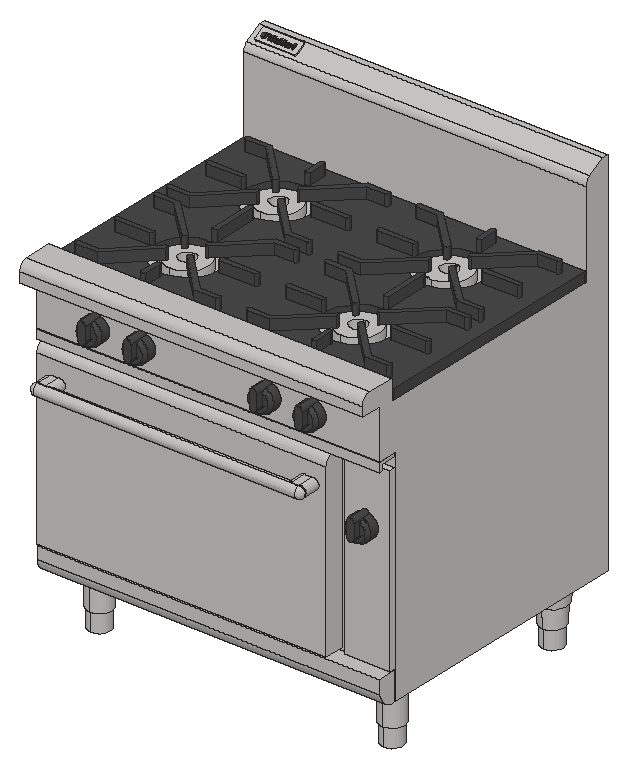
Revit family "QF_MOFFAT WALDORF_RN8910G", category Specialty Equipment, Revit 2012 (continued)
Automatic sketch dimensions
  Extrusion 1 to Split face 23 sketch curve = 1.962 mm
  Split face 23 sketch curve to Extrusion 1 = 14.14 mm
  Split face 23 sketch curve to Extrusion 1 = 334.203 mm
  Split face 23 sketch curve to Split face 23 sketch curve = 20 mm
  Extrusion 1 to Split face 24 sketch curve = 1.962 mm
  Split face 24 sketch curve to Extrusion 1 = 14.14 mm
  Split face 24 sketch curve to Extrusion 1 = 308.857 mm
  Split face 24 sketch curve to Split face 24 sketch curve = 20 mm
  Revolve 4 sketch curve to level = 0 mm
  Revolve 4 sketch curve to plane 17 = 110.753 mm
  Revolve 4 sketch curve to Revolve 4 sketch curve = 4.159 mm
  Revolve 4 sketch curve to Revolve 4 sketch curve = 5.012 mm
  Revolve 4 sketch curve to Revolve 4 sketch curve = 1.832 mm
  Revolve 4 sketch curve to Revolve 4 sketch curve = 4.25 mm
  Revolve 4 sketch curve to Revolve 4 sketch curve = 42.753 mm
  Revolve 4 sketch curve to Revolve 4 sketch curve = 0 mm  (x2)
  level to Revolve 4 sketch curve = 50 mm
  Revolve 4 sketch curve to Revolve 4 sketch curve = 52.468 mm
  Revolve 4 sketch curve to Revolve 4 sketch curve = 47.532 mm
  Revolve 4 sketch curve to Revolve 4 sketch curve = 55 mm
  Revolve 5 sketch curve to level = 0 mm
  Revolve 5 sketch curve to plane 10 = 82.478 mm
  Revolve 5 sketch curve to Revolve 5 sketch curve = 4.25 mm
  Revolve 5 sketch curve to Revolve 5 sketch curve = 27.5 mm  (x2)
  level to Revolve 5 sketch curve = 50 mm
  Revolve 5 sketch curve to Revolve 5 sketch curve = 0 mm
  Revolve 5 sketch curve to Revolve 5 sketch curve = 100 mm
  Revolve 5 sketch curve to Revolve 5 sketch curve = 55 mm
  Revolve 6 sketch curve to level = 0 mm
  Revolve 6 sketch curve to plane 17 = 110.753 mm
  Revolve 6 sketch curve to Revolve 6 sketch curve = 0 mm  (x3)
  Revolve 6 sketch curve to Revolve 6 sketch curve = 4.159 mm
  Revolve 6 sketch curve to Revolve 6 sketch curve = 5.012 mm
  Revolve 6 sketch curve to Revolve 6 sketch curve = 1.832 mm
  Revolve 6 sketch curve to Revolve 6 sketch curve = 4.25 mm
  Revolve 6 sketch curve to Revolve 6 sketch curve = 42.753 mm
  Revolve 6 sketch curve to level = 55 mm
  Revolve 6 sketch curve to Revolve 6 sketch curve = 50 mm
  Revolve 6 sketch curve to Revolve 6 sketch curve = 52.468 mm
  Revolve 6 sketch curve to Revolve 6 sketch curve = 47.532 mm
  Revolve 7 sketch curve to level = 0 mm
  Revolve 7 sketch curve to plane 10 = 82.478 mm
  Revolve 7 sketch curve to Revolve 7 sketch curve = 4.25 mm
  Revolve 7 sketch curve to Revolve 7 sketch curve = 27.5 mm  (x2)
  Revolve 7 sketch curve to level = 55 mm
  Revolve 7 sketch curve to Revolve 7 sketch curve = 50 mm
  Revolve 7 sketch curve to Revolve 7 sketch curve = 0 mm
  Revolve 7 sketch curve to Revolve 7 sketch curve = 100 mm
  plane 17 to Extrusion 8 sketch curve = 0 mm
  Extrusion 8 sketch curve to plane 16 = 64.5 mm
  Extrusion 9 sketch curve to plane 4 "RIGHT" = 0 mm
  plane 3 "LEFT" to Extrusion 9 sketch curve = 4 mm
  Extrusion 9 sketch curve to plane 17 = 39 mm
  Extrusion 9 sketch curve to Extrusion 9 sketch curve = 3 mm
  plane 12 to Extrusion 9 sketch curve = 67.472 mm  (x2)
  Extrusion 9 sketch curve to plane 5 "FRONT" = 104 mm  (x2)
  plane 4 "RIGHT" to Extrusion 9 sketch curve = 3 mm
  Extrusion 9 sketch curve to plane 9 = 54.613 mm  (x2)
  Extrusion 10 sketch curve to Extrusion 9 = 23.398 mm  (x4)
  Extrusion 10 sketch curve to Extrusion 9 = 31.601 mm  (x4)
  Extrusion 10 sketch curve to Extrusion 10 sketch curve = 6.4 mm  (x30)
  Extrusion 10 sketch curve to Extrusion 10 sketch curve = 46.204 mm  (x2)
  Extrusion 10 sketch curve to Extrusion 10 sketch curve = 60.923 mm  (x4)
  Extrusion 10 sketch curve to Extrusion 10 sketch curve = 0 mm  (x15)
  Extrusion 10 sketch curve to Extrusion 10 sketch curve = 4.525 mm  (x16)
  Extrusion 10 sketch curve to Extrusion 10 sketch curve = 20.524 mm  (x11)
  Extrusion 10 sketch curve to Extrusion 10 sketch curve = 115.699 mm  (x4)
  Extrusion 10 sketch curve to Extrusion 10 sketch curve = 53.847 mm  (x16)
  Extrusion 10 sketch curve to Extrusion 10 sketch curve = 55.923 mm  (x12)
  Extrusion 10 sketch curve to Extrusion 10 sketch curve = 30.203 mm  (x4)
  Extrusion 10 sketch curve to Extrusion 10 sketch curve = 116.204 mm  (x2)
  Extrusion 10 sketch curve to Extrusion 9 = 44.401 mm  (x4)
  Extrusion 10 sketch curve to Extrusion 9 = 40.883 mm  (x4)
  Extrusion 10 sketch curve to Extrusion 9 = 40.898 mm  (x2)
  Extrusion 10 sketch curve to Extrusion 10 sketch curve = 51.967 mm  (x11)
  Extrusion 10 sketch curve to Extrusion 10 sketch curve = 5.302 mm  (x16)
  Extrusion 10 sketch curve to Extrusion 10 sketch curve = 91.204 mm  (x6)
  Extrusion 10 sketch curve to Extrusion 10 sketch curve = 119.448 mm  (x3)
  Extrusion 10 sketch curve to Extrusion 10 sketch curve = 83.766 mm  (x3)
  Extrusion 10 sketch curve to Extrusion 10 sketch curve = 83.796 mm  (x2)
  Extrusion 10 sketch curve to Extrusion 9 = 99.152 mm  (x3)
  Extrusion 10 sketch curve to Extrusion 9 = 41.898 mm  (x2)
  Extrusion 10 sketch curve to Extrusion 9 = 41.883 mm  (x4)
  Extrusion 11 sketch curve to Extrusion 1 = 79.5 mm
  Extrusion 11 sketch curve to Extrusion 1 = 230.458 mm
  Revolve 12 sketch curve to plane 5 "FRONT" = 12 mm
  Revolve 12 sketch curve to Revolve 12 sketch curve = 0 mm  (x2)
  Revolve 12 sketch curve to Revolve 12 sketch curve = 11 mm
  Revolve 12 sketch curve to Revolve 12 sketch curve = 12.7 mm
  Revolve 12 sketch curve to Revolve 12 sketch curve = 23 mm
  Revolve 12 sketch curve to Revolve 12 sketch curve = 10 mm
  plane 18 to Revolve 12 sketch curve = 141.882 mm
  Revolve 12 sketch curve to Revolve 12 sketch curve = 5 mm
  Revolve 12 sketch curve to Revolve 12 sketch curve = 26.651 mm
  Revolve 12 sketch curve to Revolve 12 sketch curve = 5.849 mm
  Revolve 13 sketch curve to plane 5 "FRONT" = 12 mm
  Revolve 13 sketch curve to Revolve 13 sketch curve = 0 mm  (x2)
  Revolve 13 sketch curve to Revolve 13 sketch curve = 11 mm
  Revolve 13 sketch curve to Revolve 13 sketch curve = 12.7 mm
  Revolve 13 sketch curve to Revolve 13 sketch curve = 23 mm
  Revolve 13 sketch curve to Revolve 13 sketch curve = 10 mm
  plane 18 to Revolve 13 sketch curve = 174.382 mm
  Revolve 13 sketch curve to Revolve 13 sketch curve = 5.849 mm
  Revolve 13 sketch curve to Revolve 13 sketch curve = 27.5 mm
  Revolve 13 sketch curve to Revolve 13 sketch curve = 5 mm
  Revolve 14 sketch curve to plane 5 "FRONT" = 12 mm
  Revolve 14 sketch curve to Revolve 14 sketch curve = 0 mm  (x2)
  Revolve 14 sketch curve to Revolve 14 sketch curve = 11 mm
  Revolve 14 sketch curve to Revolve 14 sketch curve = 12.7 mm
  Revolve 14 sketch curve to Revolve 14 sketch curve = 23 mm
  Revolve 14 sketch curve to Revolve 14 sketch curve = 10 mm
  plane 18 to Revolve 14 sketch curve = 174.382 mm
  Revolve 14 sketch curve to Revolve 14 sketch curve = 5.849 mm
  Revolve 14 sketch curve to Revolve 14 sketch curve = 27.5 mm
  Revolve 14 sketch curve to Revolve 14 sketch curve = 5 mm
  Revolve 15 sketch curve to plane 5 "FRONT" = 12 mm
  Revolve 15 sketch curve to Revolve 15 sketch curve = 0 mm  (x2)
  Revolve 15 sketch curve to Revolve 15 sketch curve = 11 mm
  Revolve 15 sketch curve to Revolve 15 sketch curve = 12.7 mm
  Revolve 15 sketch curve to Revolve 15 sketch curve = 23 mm
  Revolve 15 sketch curve to Revolve 15 sketch curve = 10 mm
  plane 18 to Revolve 15 sketch curve = 174.382 mm
  Revolve 15 sketch curve to Revolve 15 sketch curve = 5.849 mm
  Revolve 15 sketch curve to Revolve 15 sketch curve = 27.5 mm
  Revolve 15 sketch curve to Revolve 15 sketch curve = 5 mm
  Extrusion 16 sketch curve to plane 16 = 109.656 mm
  Extrusion 16 sketch curve to Extrusion 16 sketch curve = 10 mm
  plane 18 to Extrusion 16 sketch curve = 133.882 mm
  Extrusion 16 sketch curve to Extrusion 16 sketch curve = 35 mm
  Extrusion 17 sketch curve to plane 9 = 105.469 mm
  Extrusion 17 sketch curve to Extrusion 17 sketch curve = 10 mm
  plane 18 to Extrusion 17 sketch curve = 168.882 mm
  Extrusion 17 sketch curve to Extrusion 17 sketch curve = 35 mm
  Extrusion 18 sketch curve to plane 7 "Center Y" = 154.868 mm
  Extrusion 18 sketch curve to Extrusion 18 sketch curve = 10 mm
  plane 18 to Extrusion 18 sketch curve = 168.882 mm
  Extrusion 18 sketch curve to Extrusion 18 sketch curve = 35 mm
  plane 7 "Center Y" to Extrusion 19 sketch curve = 175.132 mm
  Extrusion 19 sketch curve to Extrusion 19 sketch curve = 10 mm
  plane 18 to Extrusion 19 sketch curve = 168.882 mm
  Extrusion 19 sketch curve to Extrusion 19 sketch curve = 35 mm
  Revolve 20 sketch curve to plane 5 "FRONT" = 54.394 mm
  Revolve 20 sketch curve to Revolve 20 sketch curve = 0 mm  (x2)
  Revolve 20 sketch curve to Revolve 20 sketch curve = 11 mm
  Revolve 20 sketch curve to Revolve 20 sketch curve = 12.7 mm
  Revolve 20 sketch curve to Revolve 20 sketch curve = 23 mm
  Revolve 20 sketch curve to Revolve 20 sketch curve = 10 mm
  Revolve 20 sketch curve to plane 18 = 103.75 mm
  Revolve 20 sketch curve to Revolve 20 sketch curve = 5 mm
  Revolve 20 sketch curve to plane 18 = 77.099 mm
  Revolve 20 sketch curve to Revolve 20 sketch curve = 5.849 mm
  Extrusion 21 sketch curve to plane 16 = 7.156 mm
  plane 16 to Extrusion 21 sketch curve = 2.844 mm
  Extrusion 21 sketch curve to plane 18 = 111.75 mm
  Extrusion 21 sketch curve to plane 18 = 76.75 mm
  Extrusion 22 sketch curve to plane 5 "FRONT" = 56 mm
  level to Extrusion 22 sketch curve = 227.5 mm
  plane 5 "FRONT" to Extrusion 22 sketch curve = 413.847 mm
  plane 1 "BACK" to curve 1 = 0 mm
  curve 1 to plane 3 "LEFT" = 0 mm
  plane 5 "FRONT" to curve 109 = 0 mm
  curve 171 to plane 7 "Center Y" = 0 mm
  plane 3 "LEFT" to curve 7 = 12.5 mm
  plane 3 "LEFT" to curve 109 = 22.65 mm
  curve 152 to plane 8 "Center X" = 6.501 mm
  curve 152 to plane 11 = 25.29 mm
  curve 154 to plane 11 = 25.29 mm
  curve 112 to plane 11 = 24.517 mm
  curve 114 to plane 13 = 1.026 mm
  curve 114 to plane 11 = 24.517 mm
  curve 156 to plane 11 = 23.064 mm
  curve 121 to plane 11 = 22.29 mm
  curve 109 to plane 11 = 11.111 mm
  curve 109 to plane 11 = 9.192 mm
  plane 14 to curve 113 = 22.108 mm
  plane 14 to curve 114 = 22.108 mm
  plane 14 to curve 153 = 22.585 mm
  plane 14 to curve 154 = 22.585 mm
  curve 7 to plane 17 = 19.234 mm
  plane 14 to curve 7 = 47.5 mm
  curve 6 to curve 12 = 8.083 mm
  plane 14 to curve 156 = 63.969 mm
  plane 14 to curve 121 = 64.743 mm
  curve 9 to curve 11 = 20 mm
  curve 11 to curve 13 = 6.917 mm
  curve 13 to curve 15 = 20 mm
  curve 14 to curve 17 = 7 mm
  curve 156 to curve 153 = 57.507 mm
  plane 10 to curve 155 = 7.165 mm
  curve 155 to curve 153 = 0 mm
  curve 121 to curve 113 = 57.507 mm
  plane 12 to curve 115 = 39.115 mm
  curve 115 to curve 113 = 0 mm
  curve 17 to curve 19 = 20 mm
  curve 19 to curve 21 = 7 mm
  curve 122 to plane 9 = 55.136 mm
  curve 123 to plane 9 = 54.778 mm
  curve 158 to plane 9 = 54.894 mm
  curve 162 to plane 10 = 20.228 mm
  curve 158 to curve 162 = 0.28 mm
  plane 12 to curve 160 = 10.472 mm
  curve 123 to curve 160 = 0.164 mm
  curve 21 to curve 23 = 20 mm
  curve 23 to curve 29 = 7 mm
  curve 149 to plane 9 = 26.25 mm
  plane 10 to curve 151 = 8.415 mm
  curve 151 to plane 9 = 26.25 mm
  curve 119 to plane 9 = 25.477 mm
  curve 117 to plane 9 = 25.477 mm
  plane 17 to curve 28 = 9.738 mm
  curve 26 to curve 28 = 20 mm
  curve 27 to curve 31 = 6.917 mm
  plane 9 to curve 32 = 4.417 mm
  curve 32 to curve 34 = 7 mm
  plane 9 to curve 157 = 31.257 mm
  plane 17 to curve 37 = 9.738 mm
  curve 34 to curve 37 = 20 mm
  plane 9 to curve 120 = 32.031 mm
  curve 35 to curve 39 = 7 mm
  plane 17 to curve 41 = 9.738 mm
  curve 38 to curve 41 = 20 mm
  curve 39 to curve 42 = 11.622 mm
  curve 119 to plane 13 = 1.026 mm
  plane 9 to curve 119 = 73.415 mm
  curve 42 to curve 117 = 3.376 mm
  curve 149 to plane 8 "Center X" = 6.501 mm
  curve 118 to curve 149 = 0.477 mm
  plane 9 to curve 151 = 73.892 mm
  plane 17 to curve 44 = 9.738 mm
  curve 42 to curve 44 = 20 mm
  curve 44 to curve 49 = 6.917 mm
  plane 17 to curve 48 = 9.738 mm
  curve 46 to curve 48 = 20 mm
  curve 48 to curve 53 = 7 mm
  curve 157 to plane 7 "Center Y" = 37.71 mm
  curve 120 to plane 7 "Center Y" = 36.936 mm
  curve 148 to plane 7 "Center Y" = 35.483 mm
  curve 150 to plane 7 "Center Y" = 35.483 mm
  curve 116 to plane 7 "Center Y" = 34.71 mm
  curve 118 to plane 7 "Center Y" = 34.71 mm
  plane 17 to curve 52 = 9.738 mm
  curve 50 to curve 52 = 20 mm
  curve 51 to curve 55 = 7 mm
  plane 7 "Center Y" to curve 56 = 0.956 mm
  curve 55 to curve 58 = 7 mm
  plane 17 to curve 60 = 9.738 mm
  curve 58 to curve 60 = 20 mm
  plane 7 "Center Y" to curve 128 = 34.71 mm
  curve 130 to plane 13 = 1.026 mm
  plane 7 "Center Y" to curve 130 = 34.71 mm
  curve 140 to plane 8 "Center X" = 6.501 mm
  plane 7 "Center Y" to curve 140 = 34.71 mm
  plane 7 "Center Y" to curve 142 = 34.71 mm
  curve 59 to curve 62 = 6.917 mm
  plane 7 "Center Y" to curve 132 = 36.936 mm
  plane 7 "Center Y" to curve 144 = 36.936 mm
  plane 17 to curve 64 = 9.738 mm
  curve 62 to curve 64 = 20 mm
  curve 63 to curve 66 = 7 mm
  plane 17 to curve 69 = 9.738 mm
  curve 66 to curve 69 = 20 mm
  curve 67 to curve 70 = 7 mm
  curve 130 to curve 130 = 61.875 mm
  curve 70 to curve 129 = 7.713 mm
  curve 141 to curve 130 = 0 mm
  curve 142 to curve 143 = 61.875 mm
  curve 70 to curve 71 = 20 mm
  curve 71 to curve 75 = 6.924 mm
  plane 17 to curve 77 = 9.738 mm
  curve 74 to curve 77 = 20 mm
  plane 10 to curve 144 = 36.706 mm
  curve 144 to curve 144 = 101.033 mm
  curve 132 to curve 132 = 101.033 mm
  curve 75 to curve 78 = 6.917 mm
  plane 17 to curve 80 = 9.738 mm
  curve 78 to curve 80 = 20 mm
  curve 79 to curve 83 = 7 mm
  plane 17 to curve 85 = 9.738 mm
  curve 82 to curve 85 = 20 mm
  plane 10 to curve 143 = 7.165 mm
  curve 144 to curve 143 = 57.507 mm
  plane 10 to curve 141 = 66.379 mm
  curve 141 to curve 143 = 0 mm
  plane 12 to curve 131 = 37.865 mm
  curve 132 to curve 131 = 57.507 mm
  curve 129 to curve 131 = 0 mm
  curve 83 to curve 86 = 7 mm
  curve 86 to curve 88 = 20 mm
  curve 87 to curve 91 = 7 mm
  curve 131 to curve 163 = 29.137 mm
  curve 166 to plane 10 = 20.228 mm
  curve 143 to curve 166 = 29.137 mm
  curve 165 to curve 147 = 0.493 mm
  curve 165 to curve 135 = 0.164 mm
  curve 135 to curve 146 = 0.358 mm
  curve 90 to curve 134 = 1.422 mm
  curve 90 to curve 92 = 20 mm
  curve 92 to curve 94 = 6.917 mm
  curve 163 to curve 125 = 29.137 mm
  plane 12 to curve 127 = 39.115 mm
  curve 163 to curve 127 = 29.137 mm
  plane 10 to curve 139 = 8.415 mm
  curve 165 to curve 139 = 29.137 mm
  plane 10 to curve 137 = 65.129 mm
  curve 165 to curve 137 = 29.137 mm
  plane 17 to curve 96 = 9.738 mm
  curve 94 to curve 96 = 20 mm
  curve 111 to plane 5 "FRONT" = 14.544 mm
  curve 111 to plane 16 = 112.642 mm
  curve 96 to curve 98 = 7 mm
  curve 111 to curve 111 = 25.191 mm
  curve 98 to curve 100 = 20 mm
  curve 99 to curve 103 = 7 mm
  curve 127 to curve 133 = 57.507 mm
  curve 139 to curve 145 = 57.507 mm
  curve 167 to plane 16 = 74.5 mm
  plane 17 to curve 104 = 9.738 mm
  curve 102 to curve 104 = 20 mm
  curve 124 to plane 16 = 30.608 mm
  curve 138 to plane 16 = 30.608 mm
  curve 126 to plane 13 = 1.026 mm
  curve 126 to plane 16 = 30.608 mm
  curve 137 to plane 8 "Center X" = 6.501 mm
  curve 137 to plane 16 = 30.608 mm
  plane 16 to curve 145 = 27.79 mm
  plane 16 to curve 133 = 27.79 mm
  plane 16 to curve 138 = 30.017 mm
  plane 16 to curve 124 = 30.017 mm
  plane 16 to curve 136 = 30.017 mm
  plane 16 to curve 126 = 30.017 mm
  curve 168 to curve 110 = 399.303 mm
  curve 3 to curve 106 = 96 mm
  curve 106 to curve 107 = 3.3 mm
  curve 158 to curve 161 = 89.83 mm
  curve 147 to curve 165 = 89.83 mm
  curve 142 to plane 10 = 91.726 mm
  curve 139 to plane 10 = 91.726 mm
  curve 155 to plane 10 = 91.726 mm
  curve 171 to curve 150 = 39.701 mm
  curve 147 to curve 165 = 34.83 mm
  curve 158 to curve 162 = 34.83 mm
  plane 10 to curve 145 = 36.706 mm
  plane 10 to curve 156 = 36.706 mm
  plane 10 to curve 157 = 36.706 mm
  plane 10 to curve 162 = 36.772 mm
  plane 10 to curve 165 = 36.772 mm
  curve 161 to curve 149 = 28.357 mm
  curve 153 to curve 161 = 27.393 mm
  curve 161 to curve 123 = 31.17 mm
  curve 165 to curve 135 = 31.17 mm
  curve 135 to curve 146 = 3.864 mm
  plane 8 "Center X" to curve 146 = 13.188 mm
  plane 8 "Center X" to curve 170 = 16.501 mm
  curve 123 to plane 12 = 17.527 mm
  curve 135 to plane 12 = 17.527 mm
  plane 12 to curve 164 = 10.472 mm
  plane 12 to curve 119 = 37.865 mm
  plane 12 to curve 133 = 67.406 mm
  curve 115 to curve 121 = 28.291 mm
  curve 131 to curve 132 = 29.541 mm
  plane 12 to curve 120 = 67.406 mm
  curve 115 to curve 160 = 28.357 mm
  curve 127 to curve 163 = 28.357 mm
  curve 159 to curve 113 = 28.357 mm
  curve 163 to curve 125 = 28.357 mm
  curve 129 to curve 163 = 27.393 mm
  curve 117 to curve 160 = 27.393 mm
  curve 159 to curve 122 = 35.034 mm
  curve 163 to curve 134 = 35.034 mm
  curve 128 to plane 17 = 77.001 mm
  curve 113 to curve 7 = 57.767 mm
  curve 116 to curve 128 = 0 mm
  curve 124 to plane 17 = 77.001 mm
  curve 134 to curve 134 = 56.153 mm
  curve 122 to curve 122 = 56.153 mm
  curve 171 to plane 17 = 40.734 mm
  curve 108 to curve 4 = 2.734 mm
  curve 66 to plane 17 = 18.526 mm
  curve 78 to plane 17 = 18.526 mm
  curve 64 to curve 66 = 0 mm
  curve 79 to curve 82 = 0 mm
  curve 60 to curve 62 = 0 mm
  curve 83 to curve 86 = 0 mm
  curve 11 to plane 17 = 18.526 mm
  curve 74 to plane 17 = 18.526 mm
  curve 56 to curve 58 = 0 mm
  curve 87 to curve 90 = 0 mm
  curve 52 to curve 54 = 0 mm
  curve 91 to curve 94 = 0 mm
  curve 48 to curve 50 = 0 mm
  curve 67 to curve 70 = 0 mm
  curve 95 to curve 98 = 0 mm
  curve 44 to curve 46 = 0 mm
  curve 99 to curve 102 = 0 mm
  curve 40 to curve 42 = 0 mm
  curve 36 to curve 38 = 0 mm
  curve 32 to curve 34 = 0 mm
  curve 28 to curve 30 = 0 mm
  curve 23 to curve 26 = 0 mm
  curve 19 to curve 21 = 0 mm
  curve 15 to curve 17 = 0 mm
  plane 17 to curve 9 = 9.738 mm
  curve 96 to curve 101 = 0 mm
  plane 17 to curve 93 = 9.738 mm
  curve 84 to curve 89 = 0 mm
  curve 68 to curve 73 = 0 mm
  curve 52 to curve 57 = 0 mm
  curve 28 to curve 33 = 0 mm
  plane 17 to curve 24 = 9.738 mm
  plane 17 to curve 20 = 9.738 mm
  curve 11 to curve 16 = 0 mm
  curve 9 to curve 6 = 1.304 mm
  curve 159 to curve 172 = 0 mm
  curve 163 to curve 174 = 0 mm
  curve 177 to curve 147 = 0.493 mm
  curve 147 to curve 177 = 6.562 mm
  curve 176 to curve 165 = 0.268 mm
  curve 158 to curve 178 = 0.28 mm
  curve 158 to curve 179 = 6.562 mm
  curve 178 to curve 161 = 0.268 mm
  plane 1 "BACK" to Extrusion 23 sketch curve = 0 mm
  Extrusion 23 sketch curve to plane 17 = 7 mm
  Extrusion 23 sketch curve to plane 16 = 140.5 mm
  Extrusion 23 sketch curve to Extrusion 23 sketch curve = 50 mm
  Extrusion 23 sketch curve to plane 16 = 10.5 mm
  Extrusion 23 sketch curve to plane 17 = 55 mm
  Extrusion 3 sketch curve to plane 5 "FRONT" = 91 mm
  plane 18 to Extrusion 3 sketch curve = 45 mm
  plane 10 to Extrusion 9 sketch curve = 36.504 mm  (x2)
  Extrusion 9 sketch curve to plane 16 = 159.887 mm  (x2)
  Extrusion 24 sketch curve to Extrusion 24 sketch curve = 0 mm  (x8)
  Extrusion 1 to Extrusion 24 sketch curve = 167.5 mm  (x2)
  Extrusion 24 sketch curve to Extrusion 1 = 171.5 mm  (x2)
  Extrusion 1 to Extrusion 24 sketch curve = 225.387 mm  (x4)
  Extrusion 25 sketch curve to plane 11 = 1.472 mm
  Extrusion 25 sketch curve to plane 18 = 46.875 mm  (x2)
  Extrusion 25 sketch curve to Extrusion 25 sketch curve = 15 mm  (x2)
  plane 7 "Center Y" to Extrusion 25 sketch curve = 254.007 mm
  Extrusion 25 sketch curve to Extrusion 25 sketch curve = 20.282 mm  (x2)
  Revolve 26 sketch curve to plane 3 "LEFT" = 6.961 mm
  plane 3 "LEFT" to Revolve 26 sketch curve = 23.246 mm
  Revolve 26 sketch curve to plane 18 = 16.875 mm
  Revolve 26 sketch curve to Revolve 26 sketch curve = 15 mm
  plane 7 "Center Y" to Revolve 26 sketch curve = 274.289 mm
  Revolve 26 sketch curve to Revolve 26 sketch curve = 151.25 mm
  Revolve 26 sketch curve to Revolve 26 sketch curve = 0 mm
  curve 159 to curve 180 = 0 mm  (x2)
  curve 181 to curve 160 = 22 mm
  curve 163 to curve 182 = 0 mm  (x2)
  curve 182 to curve 182 = 22 mm
  curve 165 to curve 184 = 0 mm  (x2)
  plane 10 to curve 185 = 14.772 mm
  curve 161 to curve 186 = 0 mm  (x2)
  plane 10 to curve 186 = 14.772 mm
  radius of Extrusion 8 sketch curve = 10 mm
  radius of Extrusion 9 sketch curve = 85 mm  (x4)
  radius of Extrusion 11 sketch curve = 10 mm
  radius of Extrusion 24 sketch curve = 57 mm  (x4)
  radius of Extrusion 24 sketch curve = 22 mm  (x4)
Nested families
  nested 1: "WALDORF LOGO_FACE BASE" at (12.5, -21.284, 1127.238) x (1, 0, 0) z (0, -0.5, 0.866), visible <- "Show Logo", type "WALDORF LOGO_FACE BASE", detail levels medium+fine
    with Show Logo yes
Connectors
  piping at (770, -32, 655)
    settings: on Extrusion 8, index 4, connector radius 0.37402", flow factor 0, pipe flow 0 GPM, pressure drop 0.00 psi, fitting loss kfactor 0, connector angle 0.00°, fixture units 0, engagement length 0 mm, flow configuration 1, flow direction 1, fitting loss method 0, system type 7, joint type 0, gender type 0, connector reference index -1, connector utility 0, adjustable connector no, is connector primary yes, fitting loss table "", connector description "GAS CONNECTION"
Definition of nested family "WALDORF LOGO_FACE BASE"
  Parameters (values of type "WALDORF LOGO_FACE BASE")
    Show Logo [instance] = yes
    Default Elevation = 1219.2 mm
  Reference planes
    plane 1 "Center (Front/Back)": y = 0
    plane 2: z = 0
    plane 3 "Center (Left/Right)": x = 0
  Forms (mm)
    Extrusion 1, solid
      sketch origin (0, 0, 0) x (1, 0, 0) y (0, 1, 0)
        loop
          line (-1219.2, 1219.2) -> (-1219.2, -1219.2) -> (1219.2, -1219.2) -> (1219.2, 1219.2) -> (-1219.2, 1219.2)
      from 0 to -304.8
    Extrusion 2, solid, material "QF_Finishes_Stainless Steel", visible <- "Show Logo"
      sketch origin (0, -33.217, 0) x (1, 0, 0) y (0, 1, 0)
        loop
          arc (5, 34.14) -> (1.464, 32.676) -> (0, 29.14) r 5
          line (0, 29.14) -> (0, 5)
          arc (0, 5) -> (1.464, 1.464) -> (5, 0) r 5
          line (5, 0) -> (104, 0)
          arc (104, 0) -> (107.536, 1.464) -> (109, 5) r 5
          line (109, 5) -> (109, 29.14)
          arc (109, 29.14) -> (107.536, 32.676) -> (104, 34.14) r 5
          line (104, 34.14) -> (5, 34.14)
      from 0 to 1.588
    Extrusion 3, solid, material "QF_Finishes_Black", visible <- "Show Logo"
      sketch origin (0, -33.217, 1.588) x (1, 0, 0) y (0, 1, 0)
        loop
          line (24.772, 23.214) -> (27.992, 10.301) -> (31.551, 10.301) -> (33.443, 17.364) -> (35.205, 10.301) -> (39.332, 10.301) -> (42.077, 23.214) -> (38.352, 23.214) -> (36.676, 15.33) -> (35, 23.214) -> (31.752, 23.214) -> (30.076, 15.33) -> (28.4, 23.214) -> (24.772, 23.214)
        loop
          line (42.272, 17.055) -> (45.703, 17.055)
          spline (45.703, 17.055) -> (45.741, 17.285) -> (45.852, 17.499) -> (46.028, 17.682) -> (46.258, 17.823) -> (46.526, 17.912) -> (46.813, 17.942) -> (47.1, 17.912) -> (47.368, 17.823) -> (47.597, 17.682) -> (47.774, 17.499) -> (47.884, 17.285) -> (47.922, 17.055)
          line (47.922, 17.055) -> (47.922, 16.222)
          arc (47.922, 16.222) -> (45.742, 16.014) -> (43.665, 15.317) r 9.604
          arc (43.665, 15.317) -> (41.924, 12.809) -> (43.665, 10.301) r 2.677
          arc (43.665, 10.301) -> (45.527, 10.353) -> (47.332, 10.816) r 8.365
          line (47.332, 10.816) -> (48.092, 11.105) -> (48.092, 10.301) -> (51.817, 10.301) -> (51.817, 17.055)
          spline (51.817, 17.055) -> (51.654, 17.821) -> (51.178, 18.535) -> (50.419, 19.148) -> (49.431, 19.619) -> (48.28, 19.914) -> (47.044, 20.015) -> (45.809, 19.914) -> (44.658, 19.619) -> (43.67, 19.148) -> (42.911, 18.535) -> (42.434, 17.821) -> (42.272, 17.055)
        loop
          line (53.151, 23.214) -> (53.151, 10.301) -> (57.37, 10.301) -> (57.37, 23.214) -> (53.151, 23.214)
        loop
          line (64.874, 23.214) -> (64.874, 18.857)
          arc (64.874, 18.857) -> (58.083, 15.11) -> (64.874, 11.363) r 4.429
          line (64.874, 11.363) -> (64.874, 10.301) -> (68.378, 10.301) -> (68.378, 23.214) -> (64.874, 23.214)
        loop
          arc (64.874, 16.083) -> (61.41, 14.987) -> (64.874, 13.891) r 1.905
          line (64.874, 13.891) -> (64.874, 16.083)
        loop
          circle (74.623, 15.223) r 5
        loop
          spline (74.623, 17.856) -> (74.355, 17.766) -> (74.105, 17.503) -> (73.891, 17.084) -> (73.726, 16.539) -> (73.623, 15.904) -> (73.588, 15.223) -> (73.623, 14.541) -> (73.726, 13.906) -> (73.891, 13.361) -> (74.105, 12.942) -> (74.355, 12.679) -> (74.623, 12.59)
          spline (74.623, 12.59) -> (74.891, 12.679) -> (75.141, 12.942) -> (75.355, 13.361) -> (75.52, 13.906) -> (75.623, 14.541) -> (75.659, 15.223) -> (75.623, 15.904) -> (75.52, 16.539) -> (75.355, 17.084) -> (75.141, 17.503) -> (74.891, 17.766) -> (74.623, 17.856)
        loop
          line (81.255, 19.813) -> (81.255, 10.301) -> (84.834, 10.301) -> (84.834, 14.176)
          arc (84.834, 14.176) -> (85.854, 16.093) -> (88.013, 16.32) r 2.313
          line (88.013, 16.32) -> (88.013, 19.813) -> (87.161, 19.813)
          arc (87.161, 19.813) -> (85.526, 19.266) -> (84.549, 17.844) r 2.717
          line (84.549, 17.844) -> (84.549, 19.813) -> (81.255, 19.813)
        loop
          line (90.249, 19.813) -> (88.91, 19.813) -> (88.91, 17.614) -> (90.249, 17.614) -> (90.249, 10.301) -> (93.998, 10.301) -> (93.998, 17.614) -> (95.418, 17.614) -> (95.418, 19.813) -> (93.998, 19.813)
          arc (93.998, 19.813) -> (94.414, 20.817) -> (95.418, 21.233) r 1.42
          line (95.418, 21.233) -> (95.418, 23.602) -> (93.317, 23.602)
          arc (93.317, 23.602) -> (91.343, 22.903) -> (90.249, 21.118) r 3.137
          line (90.249, 21.118) -> (90.249, 19.813)
        loop
          arc (15.241, 23.571) -> (8.392, 16.525) -> (15.241, 9.479) r 7.049
          line (15.241, 9.479) -> (15.241, 23.571)
        loop
          line (15.641, 23.571) -> (15.641, 9.479)
          arc (15.641, 9.479) -> (22.49, 16.525) -> (15.641, 23.571) r 7.049
        loop
          arc (47.922, 14.711) -> (46.266, 13.749) -> (47.922, 12.787) r 1.107
          line (47.922, 12.787) -> (47.922, 14.711)
      from 0 to 0.2
  Dimensions and locks
    aligned and locked: plane 2 to Extrusion 1
    aligned and locked: level to Extrusion 1
